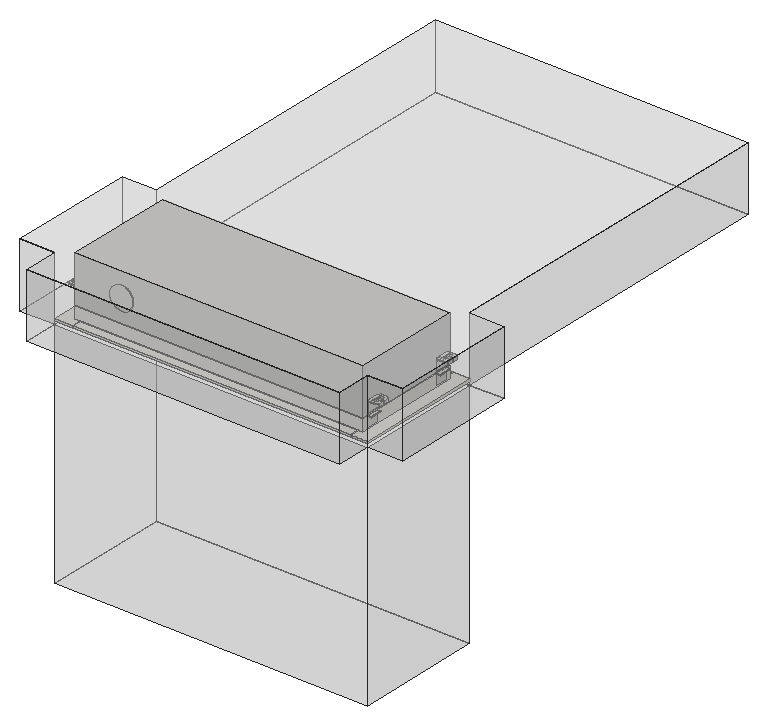
Revit family "outputfile", category 機械設備, Revit 2024
Family settings
  丸型コネクタ寸法 = 半径を使用
  パーツ タイプ = 標準
  OmniClass 番号 = 23.75.10.24.21.27.27
  OmniClass タイトル = Split System Air Conditioning Units
  作業面ベース = いいえ
  常に垂直 = はい
  ロード時にボイドで切り取り = いいえ
  注釈の向きを維持 = いいえ
  共有 = いいえ
  部屋計算ポイント = はい
Parameters (values of type "FXEQ50AV36")
  製造元 = "Daikin"
  書き出し IFC クラス(タイプ) = "IfcUnitaryEquipmentType"
  定義済み IFC タイプ(タイプ) = "AIRCONDITIONINGUNIT"
  モデル = "FXEQ50AV36"
  w_mountinghole = if(Width = 1350 mm, 1303 mm, 903 mm)  # 1303 mm
  w_casing = if(Width = 1350 mm, 1240 mm, 840 mm)  # 1240 mm
  r_OAduct = OA Duct Size Diameter / 2  # 50 mm
  r_Liquid Pipe Size = Liquid Pipe Size / 2  # 3.2 mm
  r_Gas Pipe Size = Gas Pipe Size / 2  # 6.35 mm
  r_Drain Pipe Size = Drain Pipe Size / 2  # 13.0 mm
  lw_powersuply = w_casing / 2 + 1.5 mm  # 621.5 mm
  lw_gaspipe = w_casing / 2 + 65 mm  # 685 mm
  lw_drainpipe = w_casing / 2 + 32 mm  # 652 mm
  lw_liquidpipe = w_casing / 2 + 55 mm  # 675 mm
  lw_OA = if(Width = 1350 mm, 420 mm, 220 mm)  # 420 mm
  lh_powersuply = 129.2 mm
  lh_liquidpipe = 180 mm
  lh_gaspipe = 138 mm
  lh_drainpipe = 215 mm
  lh_OA = 65 mm
  ld_powersuply = 64.2 mm
  ld_liquidpipe = 26 mm
  ld_gaspipe = 72 mm
  ld_drainpipe = 69 mm
  ld_OA = 235 mm
  h_mountinghole = 115 mm
  h_casing = 255 mm
  h_antenna = h_casing - h_mountinghole + 1 mm  # 141 mm
  d_mountinghole = 371 mm
  d_casing = 470 mm
  Width = 1350 mm
  Voltage_comment_50Hz = "220-240"
  Voltage_50Hz = 220 V
  Version = "ver.1.0"
  Unit Type = "Ceiling Mounted Cassette(Single Flow）"
  Unit Mass Weight = 23.00 kg
  Unit Designation [instance] = ""
  Uniclass2015Version = "Products v1.30"
  Uniclass2015Title = "Variable refrigerant flow units"
  Uniclass2015Code = "Pr_70_65_03_94"
  Total Heating Capacity [instance] = 0.000 kW
  Total Cooling Capacity [instance] = 0.000 kW
  Sound Pressure Level_M speed (dBA) = 35
  Sound Pressure Level_L speed (dBA) = 31
  Sound Pressure Level_H speed (dBA) = 38
  Series = "VRV Fan Coil Unit"
  Sensible Cooling Capacity [instance] = 0.000 kW
  Refrigerant Type = "R410A"
  Power Input (Heating) = 0.044 kW
  Power Input (Cooling) = 0.048 kW
  Phase_50Hz = 1
  Option Accessory 3 [instance] = ""
  Option Accessory 2 [instance] = ""
  Option Accessory 1 [instance] = ""
  OA Duct Size Diameter = 100 mm
  Nominal Heating Capacity = 6.300 kW
  Nominal Cooling Capacity = 5.600 kW
  Minimum Circuit Amps_50Hz = 0.5 A
  Minimum Airflow = 522.00 m³/h
  Median Airflow = 624.00 m³/h
  Maximum Fuse Amps_50Hz = 16.0 A
  Maximum Airflow = 750.00 m³/h
  Material_Casing = DAIKIN_GalvanizedSteel_Casing_indoorunit
  Load Classification = HVAC
  Liquid Pipe Size = 6.4 mm
  Link_Nested Family [instance] = ""
  IfcVersion = ""
  IfcExportType = "AIRCONDITIONINGUNIT"
  IfcExportAs = "IfcUnitaryEquipmentType"
  Height = 280 mm
  Heating Entering Wet Bulb Temperature [instance] = 0.00 °C
  Heating Entering Dry Bulb Temperature [instance] = 0.00 °C
  Heating Ambient Wet Bulb Temperature [instance] = 0.00 °C
  Heating Ambient Dry Bulb Temperature [instance] = 0.00 °C
  Heat Exchanger Type = "Cross Fin Coil"
  Gas Pipe Size = 12.7 mm
  Frequency_50Hz = 50 Hz
  Fan Type = "Sirocco Fan"
  Fan Drive = "Direct Drive"
  FCU Tag No. [instance] = ""
  Drain Pipe Size = 26.0 mm
  Design Supply Airflow [instance] = 0.00 m³/h
  Design Outdoor Airflow [instance] = 0.00 m³/h
  Depth = 550 mm
  既定の高さ = 0 mm
  Cooling Entering Wet Bulb Temperature [instance] = 0.00 °C
  Cooling Entering Dry Bulb Temperature [instance] = 0.00 °C
  Cooling Ambient Wet Bulb Temperature [instance] = 0.00 °C
  Cooling Ambient Dry Bulb Temperature [instance] = 0.00 °C
  Clearance visibility [instance] = yes
  Clearance Top = 0 mm
  Clearance Right = 150 mm
  Clearance Rear = 1500 mm
  Clearance Left = 150 mm
  Clearance Front = 150 mm
  Clearance Bottom = 1000 mm
Reference planes
  plane 1 "Center (Front/Back)": y = 0
  plane 2 "ceiling plane": z = 0
  plane 3 "Center (Left/Right)": x = 0
  plane 4 "Back": y = 275
  plane 5 "Front": y = -275
  plane 6 "Left": x = -675
  plane 7 "Right": x = 675
  plane 8 "Top": z = 255
  plane 9 "Bottom": z = -25
  plane 10: x = -620
  plane 11: x = 620
  plane 12: y = 235
  plane 13: y = -235
  plane 14: x = 370
  plane 15: y = 185.5
  plane 16: y = -185.5
  plane 17: x = -651.5
  plane 18: x = 651.5
  plane 19: y = 26
  plane 20: y = 72
  plane 21: y = 69
  plane 22: x = -675
  plane 23: x = -685
  plane 24: x = -652
  plane 25 "Clearance Rear": y = 1775
  plane 26 "Clearance Front": y = -425
  plane 27 "Clearance Left": x = -825
  plane 28 "Clearance Right": x = 825
  plane 29 "Clearance Top": z = 255
  plane 30 "Clearance Bottom": z = -1025
  plane 31: y = -64.2
  plane 32: z = 190
  plane 33: z = 215
  plane 34: y = 69
  plane 35: z = 180
  plane 36: y = 26
  plane 37: z = 138
  plane 38: y = 72
  plane 39: x = -420
Forms (mm)
  Extrusion 1, solid, material "DAIKIN_GalvanizedSteel_Casing_indoorunit" <- "Material_Casing"
    sketch origin (0, 0, 0) x (1, 0, 0) y (0, 1, 0)
      loop
        line (-620, 235) -> (-620, -235) -> (620, -235) -> (620, 235) -> (-620, 235)
    from 55 to 255
  Extrusion 2, solid, material "DAIKIN_GalvanizedSteel_Casing_indoorunit" <- "Material_Casing"
    sketch origin (-1374.64, 235, 1200) x (-1, 0, 0) y (0, 0, 1)
      loop
        circle (-954.64, -1048) r 50
    from -465 to -470
  Extrusion 3, solid, material "DAIKIN_GalvanizedSteel_Casing_indoorunit" <- "Material_Casing"
    sketch origin (-620, 1296.25, 1200) x (0, 1, 0) y (0, 0, 1)
      loop
        line (-1243.249, -1006) -> (-1211.249, -1006)
        arc (-1211.249, -1006) -> (-1207.714, -1004.536) -> (-1206.249, -1001) r 5
        line (-1206.249, -1001) -> (-1206.249, -969)
        arc (-1206.249, -969) -> (-1207.714, -965.464) -> (-1211.249, -964) r 5
        line (-1211.249, -964) -> (-1243.249, -964)
        arc (-1243.249, -964) -> (-1246.785, -965.464) -> (-1248.249, -969) r 5
        line (-1248.249, -969) -> (-1248.249, -1001)
        arc (-1248.249, -1001) -> (-1246.785, -1004.536) -> (-1243.249, -1006) r 5
    from 0 to -3
  Extrusion 4, solid, material "DAIKIN_GalvanizedSteel_Casing_indoorunit" <- "Material_Casing"
    sketch origin (0, 0, 0) x (1, 0, 0) y (0, 0, 1)
      loop
        line (-638.5, 45) -> (-639.7, 45) -> (-639.7, 30.5)
        arc (-639.7, 30.5) -> (-639.202, 29.298) -> (-638, 28.8) r 1.7
        line (-638, 28.8) -> (-620, 28.8) -> (-620, 30) -> (-638.5, 30) -> (-638.5, 45)
    from 40 to 90
  Extrusion 5, solid, material "DAIKIN_GalvanizedSteel_Casing_indoorunit" <- "Material_Casing"
    sketch origin (0, 0, 0) x (1, 0, 0) y (0, 0, 1)
      loop
        line (-638.5, 31) -> (-637.5, 31) -> (-637.5, 90.772)
        arc (-637.5, 90.772) -> (-637.145, 91.289) -> (-636.535, 91.145) r 0.555
        line (-636.535, 91.145) -> (-628.37, 82.164) -> (-627.63, 82.836) -> (-628.303, 83.576) -> (-635.89, 91.922)
        arc (-635.89, 91.922) -> (-637.541, 92.312) -> (-638.5, 90.913) r 1.5
        line (-638.5, 90.913) -> (-638.5, 31)
    from 40 to 90
  Extrusion 6, solid, material "DAIKIN_GalvanizedSteel_Casing_indoorunit" <- "Material_Casing"
    sketch origin (-620, 1296.25, 1200) x (0, 1, 0) y (0, 0, 1)
      loop
        circle (-1360.45, -1070.8) r 17.5
      loop
        circle (-1415.45, -1105.8) r 17.5
    from 0 to -1.5
  Extrusion 7, solid
    sketch origin (-265.5, 334.5, 0) x (0, 1, 0) y (0, 0, 1)
      loop
        circle (-265.5, 215) r 13
    from -354.5 to -386.5
  Extrusion 8, solid
    sketch origin (-620, 1296.25, 1200) x (0, 1, 0) y (0, 0, 1)
      loop
        circle (-1270.25, -1020) r 3.2
    from 0 to -55
  Extrusion 9, solid
    sketch origin (7, 137, 0) x (0, 1, 0) y (0, 0, 1)
      loop
        circle (-65, 138) r 6.35
    from -627 to -692
  Extrusion 10, solid, material "DAIKIN_GalvanizedSteel_Casing_indoorunit" <- "Material_Casing"
    sketch origin (-620, 1296.25, 1200) x (0, 1, 0) y (0, 0, 1)
      loop
        line (-1239.914, -1060.321) -> (-1240.938, -1060.321)
        arc (-1240.938, -1060.321) -> (-1241.786, -1060.672) -> (-1242.138, -1061.521) r 1.2
        line (-1242.138, -1061.521) -> (-1242.138, -1062.819) -> (-1250.138, -1062.821) -> (-1250.138, -1017.143)
        arc (-1250.138, -1017.143) -> (-1250.43, -1016.436) -> (-1251.138, -1016.143) r 1
        line (-1251.138, -1016.143) -> (-1257.415, -1016.143)
        arc (-1257.415, -1016.143) -> (-1258.122, -1016.436) -> (-1258.415, -1017.143) r 1
        line (-1258.415, -1017.143) -> (-1258.415, -1020)
        arc (-1258.415, -1020) -> (-1270.25, -1031.835) -> (-1282.086, -1020) r 11.835
        line (-1282.086, -1020) -> (-1282.086, -1017.143)
        arc (-1282.086, -1017.143) -> (-1282.379, -1016.436) -> (-1283.086, -1016.143) r 1
        line (-1283.086, -1016.143) -> (-1306.138, -1016.143)
        arc (-1306.138, -1016.143) -> (-1308.259, -1017.022) -> (-1309.138, -1019.143) r 3
        line (-1309.138, -1019.143) -> (-1309.138, -1145) -> (-1189.638, -1145) -> (-1189.638, -1063.321)
        arc (-1189.638, -1063.321) -> (-1190.516, -1061.199) -> (-1192.638, -1060.321) r 3
        line (-1192.638, -1060.321) -> (-1209.75, -1060.321) -> (-1209.75, -1062)
        arc (-1209.75, -1062) -> (-1224.485, -1076.498) -> (-1238.743, -1061.53) r 14.5
        arc (-1238.743, -1061.53) -> (-1239.072, -1060.677) -> (-1239.914, -1060.321) r 1.172
    from 0 to -1
Dimensions and locks
  "Width": plane 6 "Left" to plane 7 "Right"
  "Depth": plane 4 "Back" to plane 5 "Front"
  "Height": plane 8 "Top" to plane 9 "Bottom"
  equal spacing: plane 12, plane 1 "Center (Front/Back)", plane 13
  "d_casing": plane 12 to plane 13
  equal spacing: plane 6 "Left", plane 3 "Center (Left/Right)", plane 7 "Right"
  "w_casing": plane 10 to plane 11
  locked: plane 14 to plane 11 at 250
  "h_casing": plane 8 "Top" to level
  equal spacing: plane 15, plane 1 "Center (Front/Back)", plane 16
  "d_mountinghole": plane 15 to plane 16
  equal spacing: plane 17, plane 3 "Center (Left/Right)", plane 18
  "w_mountinghole": plane 17 to plane 18
  "ld_liquidpipe": plane 1 "Center (Front/Back)" to plane 19
  "ld_gaspipe": plane 1 "Center (Front/Back)" to plane 20
  "ld_drainpipe": plane 1 "Center (Front/Back)" to plane 21
  "Clearance Left": plane 27 "Clearance Left" to plane 6 "Left"
  "Clearance Right": plane 7 "Right" to plane 28 "Clearance Right"
  "Clearance Front": plane 5 "Front" to plane 26 "Clearance Front"
  "Clearance Rear": plane 25 "Clearance Rear" to plane 4 "Back"
  "Clearance Top": plane 29 "Clearance Top" to plane 8 "Top"
  "Clearance Bottom": plane 9 "Bottom" to plane 30 "Clearance Bottom"
  "lh_OA": plane 29 "Clearance Top" to plane 32
  equal spacing: plane 4 "Back", plane 1 "Center (Front/Back)", plane 5 "Front"
  equal spacing: plane 10, plane 3 "Center (Left/Right)", plane 11
  "lw_OA": plane 3 "Center (Left/Right)" to Extrusion 2 sketch curve
  Extrusion 2 sketch curve to level = 152 mm
  locked: plane 10 to Extrusion 4 sketch curve at 18.5
  locked: Extrusion 4 sketch curve to Extrusion 4 sketch curve at 1.2
  locked: Extrusion 4 to Extrusion 5 sketch curve at 1
  "ld_powersuply": plane 31 to plane 1 "Center (Front/Back)"
  "lw_drainpipe": plane 24 to plane 3 "Center (Left/Right)"
  "ld_drainpipe": plane 34 to plane 1 "Center (Front/Back)"
  locked: Extrusion 7 sketch curve to level at 215
  "lw_liquidpipe": plane 22 to plane 3 "Center (Left/Right)"
  "lw_gaspipe": plane 23 to plane 3 "Center (Left/Right)"
  "lw_OA": plane 39 to plane 3 "Center (Left/Right)"
  "r_Drain Pipe Size": radius of Extrusion 7 sketch curve
  "r_Liquid Pipe Size": radius of Extrusion 8 sketch curve
  "r_Gas Pipe Size": radius of Extrusion 9 sketch curve
  aligned and locked: level to plane 2 "ceiling plane"
  aligned and locked: plane 6 "Left" to nested 1
  aligned and locked: plane 9 "Bottom" to nested 1
  aligned and locked: Extrusion 1 sketch curve to plane 10
  aligned and locked: plane 12 to Extrusion 1 sketch curve
  aligned and locked: Extrusion 1 sketch curve to plane 13
  aligned and locked: plane 11 to Extrusion 1 sketch curve
  aligned and locked: plane 8 "Top" to Extrusion 1
  aligned and locked: plane 11 to nested 2
  aligned and locked: plane 10 to nested 3
  aligned and locked: nested 7 to plane 15
  aligned and locked: plane 18 to nested 7
  aligned and locked: nested 6 to plane 16
  aligned and locked: plane 18 to nested 6
  aligned and locked: nested 4 to plane 15
  aligned and locked: plane 17 to nested 4
  aligned and locked: nested 5 to plane 16
  aligned and locked: plane 17 to nested 5
  aligned and locked: plane 1 "Center (Front/Back)" to nested 8
  aligned and locked: plane 3 "Center (Left/Right)" to nested 8
  aligned and locked: plane 29 "Clearance Top" to nested 8
  aligned and locked: plane 1 "Center (Front/Back)" to nested 1
  aligned and locked: plane 3 "Center (Left/Right)" to nested 1
  aligned and locked: nested 3 to plane 15
  aligned and locked: nested 9 to plane 16
  aligned and locked: plane 10 to nested 9
  aligned and locked: plane 15 to nested 2
  aligned and locked: plane 16 to nested 10
  aligned and locked: plane 11 to nested 10
  aligned and locked: Extrusion 2 to plane 13
  aligned and locked: Extrusion 4 sketch curve to plane 10
  aligned and locked: Extrusion 4 to Extrusion 5 sketch curve
  aligned and locked: plane 3 "Center (Left/Right)" to nested 11
  aligned and locked: nested 12 to plane 3 "Center (Left/Right)"
  aligned and locked: plane 34 to Extrusion 7 sketch curve
  aligned and locked: Extrusion 7 to plane 24
  aligned and locked: plane 10 to Extrusion 7
  aligned and locked: nested 13 to plane 19
  aligned and locked: nested 13 to plane 3 "Center (Left/Right)"
  aligned and locked: plane 35 to Extrusion 8 sketch curve
  aligned and locked: plane 36 to Extrusion 8 sketch curve
  aligned and locked: Extrusion 8 to plane 22
  aligned and locked: nested 14 to plane 3 "Center (Left/Right)"
  aligned and locked: plane 37 to Extrusion 9 sketch curve
  aligned and locked: plane 38 to Extrusion 9 sketch curve
  aligned and locked: Extrusion 9 to plane 23
  aligned and locked: plane 10 to Extrusion 9
  aligned and locked: plane 39 to nested 15
  aligned and locked: plane 1 "Center (Front/Back)" to nested 15
Automatic sketch dimensions
  Extrusion 3 sketch curve to plane 1 "Center (Front/Back)" = 48.001 mm
  Extrusion 3 sketch curve to Extrusion 3 sketch curve = 5 mm  (x3)
  plane 32 to Extrusion 3 sketch curve = 4 mm
  Extrusion 3 sketch curve to Extrusion 3 sketch curve = 32 mm
  Extrusion 3 sketch curve to Extrusion 3 sketch curve = 0 mm
  Extrusion 3 sketch curve to plane 8 "Top" = 24 mm
  plane 17 to Extrusion 4 sketch curve = 13.5 mm
  level to Extrusion 4 sketch curve = 28.8 mm
  Extrusion 4 sketch curve to Extrusion 4 sketch curve = 0.5 mm
  Extrusion 4 sketch curve to Extrusion 4 sketch curve = 14.5 mm
  Extrusion 5 sketch curve to Extrusion 5 sketch curve = 0.5 mm
  Extrusion 5 sketch curve to Extrusion 5 sketch curve = 0.055 mm
  Extrusion 5 sketch curve to Extrusion 5 sketch curve = 0.465 mm
  Extrusion 5 sketch curve to Extrusion 5 sketch curve = 0.645 mm
  Extrusion 5 sketch curve to plane 10 = 8.37 mm
  Extrusion 5 sketch curve to Extrusion 5 sketch curve = 0.067 mm
  Extrusion 5 sketch curve to Extrusion 5 sketch curve = 0.673 mm  (x2)
  level to Extrusion 5 sketch curve = 31 mm
  Extrusion 5 sketch curve to Extrusion 5 sketch curve = 51.164 mm
  Extrusion 5 sketch curve to Extrusion 5 sketch curve = 0.74 mm
  Extrusion 5 sketch curve to Extrusion 5 sketch curve = 0.141 mm
  Extrusion 10 sketch curve to plane 19 = 0 mm
  Extrusion 10 sketch curve to plane 20 = 0 mm
  Extrusion 10 sketch curve to Extrusion 10 sketch curve = 11.835 mm
  Extrusion 10 sketch curve to Extrusion 10 sketch curve = 1 mm  (x2)
  Extrusion 10 sketch curve to plane 32 = 6.143 mm
  plane 1 "Center (Front/Back)" to Extrusion 10 sketch curve = 9.887 mm
  plane 1 "Center (Front/Back)" to Extrusion 10 sketch curve = 12.887 mm
  Extrusion 10 sketch curve to Extrusion 10 sketch curve = 6.277 mm
  plane 19 to Extrusion 10 sketch curve = 20.113 mm
  Extrusion 10 sketch curve to Extrusion 10 sketch curve = 8 mm
  Extrusion 10 sketch curve to Extrusion 10 sketch curve = 1.2 mm
  Extrusion 10 sketch curve to Extrusion 10 sketch curve = 1.024 mm
  Extrusion 10 sketch curve to Extrusion 10 sketch curve = 0 mm  (x3)
  plane 20 to Extrusion 10 sketch curve = 14.5 mm
  Extrusion 10 sketch curve to Extrusion 10 sketch curve = 17.113 mm
  Extrusion 10 sketch curve to Extrusion 10 sketch curve = 3 mm
  Extrusion 10 sketch curve to plane 32 = 10 mm
  Extrusion 10 sketch curve to Extrusion 10 sketch curve = 40.321 mm
  Extrusion 10 sketch curve to Extrusion 10 sketch curve = 1.172 mm
  Extrusion 10 sketch curve to Extrusion 10 sketch curve = 1.679 mm
  Extrusion 10 sketch curve to Extrusion 10 sketch curve = 1.298 mm
  Extrusion 10 sketch curve to Extrusion 10 sketch curve = 0.002 mm
  level to Extrusion 10 sketch curve = 55 mm
  Extrusion 10 sketch curve to Extrusion 10 sketch curve = 2.857 mm
  radius of Extrusion 2 sketch curve = 50 mm
Nested families
  nested 1: "daikin_round flow_panel" at (0, 0, 0), type "fresh white"
    with width 1350 mm, w_casing 1240 mm, W 1350 mm, L 208 mm
  nested 2: "daikin_hangerfixture_FXEQ-AV36" at (620, 185.5, 115) x (0, 1, 0) z (0, 0, 1), built-in parameter 1001364 <- "h_mountinghole", type "daikin_hangerfixture_FXEQ-AV36"
  nested 3: "daikin_hangerfixture_FXEQ-AV36" at (-620, 185.5, 115) x (0, 1, 0) z (0, 0, 1), built-in parameter 1001364 <- "h_mountinghole", type "daikin_hangerfixture_FXEQ-AV36"
  nested 4: "daikin_mountinghole" at (-651.5, 185.5, 0), l_antenna <- "h_antenna", Link_Nested Family <- "Link_Nested Family", h_mountinghole <- "h_mountinghole", type "daikin_mountinghole"
    with show yes, l_antenna 141 mm, h_mountinghole 115 mm, Link_Nested Family ""
  nested 5: "daikin_mountinghole" at (-651.5, -185.5, 0), l_antenna <- "h_antenna", Link_Nested Family <- "Link_Nested Family", h_mountinghole <- "h_mountinghole", type "daikin_mountinghole"
    with show yes, l_antenna 141 mm, h_mountinghole 115 mm, Link_Nested Family ""
  nested 6: "daikin_mountinghole" at (651.5, -185.5, 0), l_antenna <- "h_antenna", Link_Nested Family <- "Link_Nested Family", h_mountinghole <- "h_mountinghole", type "daikin_mountinghole"
    with show yes, l_antenna 141 mm, h_mountinghole 115 mm, Link_Nested Family ""
  nested 7: "daikin_mountinghole" at (651.5, 185.5, 0), l_antenna <- "h_antenna", Link_Nested Family <- "Link_Nested Family", h_mountinghole <- "h_mountinghole", type "daikin_mountinghole"
    with show yes, l_antenna 141 mm, h_mountinghole 115 mm, Link_Nested Family ""
  nested 8: "daikin_clearancespace_cassette" at (0, 0, 115), depth_outline <- "Depth", height_outline <- "Height", width_outline <- "Width", depth_front <- "Clearance Front", depth_rear <- "Clearance Rear", height_bottom <- "Clearance Bottom", height_top <- "Clearance Top", width_left <- "Clearance Left", width_right <- "Clearance Right", show <- "Clearance visibility", visible <- "Clearance visibility", Link_Nested Family <- "Link_Nested Family", type "daikin_clearancespace_cassette"
    with width_right 150 mm, width_outline 1350 mm, width_left 150 mm, width 1823.963 mm, show yes, height_top 0 mm, height_outline 280 mm, height_bottom 1000 mm, height 1359.762 mm, depth_rear 1500 mm, depth_outline 550 mm, depth_front 150 mm, depth 880 mm, Link_Nested Family ""
  nested 9: "daikin_hangerfixture_FXEQ-AV36" at (-620, -185.5, 115) x (0, 1, 0) z (0, 0, 1), built-in parameter 1001364 <- "h_mountinghole", type "daikin_hangerfixture_FXEQ-AV36"
  nested 10: "daikin_hangerfixture_FXEQ-AV36" at (620, -185.5, 115) x (0, 1, 0) z (0, 0, 1), built-in parameter 1001364 <- "h_mountinghole", type "daikin_hangerfixture_FXEQ-AV36"
  nested 11: "daikin_connector_rotate2" at (0, -64.2, 129.2) x (0, 1, 0) z (0, 0, 1), length <- "lw_powersuply", built-in parameter 1001364 <- "lh_powersuply", type "daikin_connector_rotate2"
    with radius 10 mm, length 621.5 mm, angle_vertical 90.00°
  nested 12: "daikin_connector_rotate2" at (0, 69, 215) x (0, -1, 0) z (0, 0, 1), built-in parameter 1001364 <- "lh_drainpipe", radius <- "r_Drain Pipe Size", length <- "lw_drainpipe", type "daikin_connector_rotate2"
    with radius 13 mm, length 652 mm, angle_vertical 90.00°
  nested 13: "daikin_connector_rotate2" at (0, 26, 180) x (0, -1, 0) z (0, 0, 1), built-in parameter 1001364 <- "lh_liquidpipe", radius <- "r_Liquid Pipe Size", length <- "lw_liquidpipe", type "daikin_connector_rotate2"
    with radius 3.2 mm, length 675 mm, angle_vertical 90.00°
  nested 14: "daikin_connector_rotate2" at (0, 72, 138) x (0, -1, 0) z (0, 0, 1), built-in parameter 1001364 <- "lh_gaspipe", radius <- "r_Gas Pipe Size", length <- "lw_gaspipe", type "daikin_connector_rotate2"
    with radius 6.35 mm, length 685 mm, angle_vertical 90.00°
  nested 15: "daikin_connector_rotate2" at (-420, 0, 152), radius <- "r_OAduct", length <- "ld_OA", type "daikin_connector_rotate2"
    with radius 50 mm, length 235 mm, angle_vertical 90.00°
Connectors
  electrical at (-621.5, -64.2, 129.2), driven by "Load Classification"
    settings: on nested 11, index 6, voltage 0 V, apparent load 0 VA, apparent load phase1 0 VA, apparent load phase2 0 VA, apparent load phase3 0 VA, power factor 1, load classification "HVAC", number of poles 1, system type 30, power factor state 1, is connector primary yes, connector utility no, sub classification motor no, connector description "Power Supply"
  piping at (-652, 69, 215), diameter 26, driven by "r_Drain Pipe Size"
    settings: on nested 12, index 7, connector inside diameter 609.6 mm, connector length 0 mm, flow factor 0, pipe flow 0.00 m³/h, pressure drop 0.0 Pa, fitting loss kfactor 0, connector angle 0.00°, fixture units 0, engagement length 0 mm, angle of deflection 0.00°, flow configuration 1, flow direction 2, fitting loss method 4, system type 16, joint type 0, gender type 0, connector reference index -1, connector utility 0, adjustable connector no, is connector primary yes, connector description "Condensate Drain Piping"
  piping at (-675, 26, 180), diameter 6.4, driven by "r_Liquid Pipe Size"
    settings: on nested 13, index 8, connector inside diameter 609.6 mm, connector length 0 mm, flow factor 0, pipe flow 0.00 m³/h, pressure drop 0.0 Pa, fitting loss kfactor 0, connector angle 0.00°, fixture units 0, engagement length 0 mm, angle of deflection 0.00°, flow configuration 1, flow direction 1, fitting loss method 0, system type 29, joint type 0, gender type 0, connector reference index -1, connector utility 0, adjustable connector no, is connector primary no, connector description "Refrigerant Liquid Piping"
  hvac at (-420, -235, 152), driven by "r_OAduct"
    settings: on Extrusion 2, index 9, duct flow 0.00 m³/h, flow factor 0, pres drop 0.00 Pa, loss coef 0, conn angle 0.00°, conn width 304.8 mm, conn height 304.8 mm, conn diameter 100.0 mm, duct sys type 1, conn prof type 0, flow config 0, flow direction 1, loss method 4, conn ref index -1, conn util no, is conn primary yes, conn desc "OA Duct"
  piping at (-685, 72, 138), diameter 12.7, driven by "r_Gas Pipe Size"
    settings: on nested 14, index 10, connector inside diameter 609.6 mm, connector length 0 mm, flow factor 0, pipe flow 0.00 m³/h, pressure drop 0.0 Pa, fitting loss kfactor 0, connector angle 0.00°, fixture units 0, engagement length 0 mm, angle of deflection 0.00°, flow configuration 1, flow direction 2, fitting loss method 0, system type 29, joint type 0, gender type 0, connector reference index -1, connector utility 0, adjustable connector no, is connector primary no, connector description "Refrigerant Gas Piping"
Definition of nested family "daikin_round flow_panel"
  Parameters (values of type "fresh white")
    width = if(W = 950 mm, 950 mm, 1350 mm)  # 950 mm
    w_casing = width - 110 mm  # 840 mm
    material_panel = none
    material_casing = none
    height = 50 mm
    depth = 550 mm  # constant formula
    d_casing = 470 mm  # constant formula
    W = 950 mm
    Default Elevation = 0 mm
    L = if(W = 950 mm, 170 mm, 208 mm)  # 170 mm
  Reference planes
    plane 1 "Center (Front/Back)": y = 0
    plane 2: z = 0
    plane 3 "Center (Left/Right)": x = 0
    plane 4: y = 275
    plane 5: y = -275
    plane 6: x = -475
    plane 7: x = 475
    plane 8 "Bottom": z = -25
    plane 9: y = 235
    plane 10: y = -235
    plane 11: x = -420
    plane 12: x = 420
    plane 13: z = 50
    plane 14: x = -305
  Forms (mm)
    Extrusion 1, solid, material <- "material_panel"
      sketch origin (0, 0, 0) x (1, 0, 0) y (0, 0, 1)
        loop
          line (-400, -25) -> (-400, 0) -> (-475, 0) -> (-475, -8.325)
          arc (-475, -8.325) -> (-438.157, -19.618) -> (-400, -25) r 245.193
        loop
          arc (400, -25) -> (438.157, -19.618) -> (475, -8.325) r 245.193
          line (475, -8.325) -> (475, 0) -> (400, 0) -> (400, -25)
      from -275 to 275
    Extrusion 2, solid, material <- "material_panel"
      sketch origin (0, 0, 0) x (1, 0, 0) y (0, 0, 1)
        loop
          line (-400, 0) -> (-400, -17.308) -> (400, -17.303) -> (400, 0) -> (-400, 0)
      from 235 to 275
    Extrusion 3, solid, material <- "material_panel"
      sketch origin (0, 510, 0) x (1, 0, 0) y (0, 0, 1)
        loop
          line (-400, 0) -> (-400, -17.308) -> (400, -17.303) -> (400, 0) -> (-400, 0)
      from 235 to 275
    Extrusion 4, solid, material <- "material_panel"
      sketch origin (0, 0, 0) x (1, 0, 0) y (0, 0, 1)
        loop
          line (-400, 0) -> (-400, -23) -> (400, -23) -> (400, 0) -> (-400, 0)
      from 5 to 235
    Extrusion 5, solid, material <- "material_panel"
      sketch origin (0, 0, 0) x (1, 0, 0) y (0, 0, 1)
        loop
          line (-400, 0) -> (-400, -25) -> (400, -25) -> (400, 0) -> (-400, 0)
      from 5 to -150
    Extrusion 6, solid, material <- "material_panel"
      sketch origin (0, 0, 0) x (1, 0, 0) y (0, 1, 0)
        loop
          line (-400, 235) -> (-400, 179) -> (-305, 179) -> (-305, 235) -> (-400, 235)
      from 0 to -17.308
    Extrusion 7, solid, material <- "material_panel"
      sketch origin (0, 0, 0) x (1, 0, 0) y (0, 1, 0)
        loop
          line (-400, 179) -> (-400, 150) -> (-305, 150) -> (-305, 179) -> (-400, 179)
      from 0 to -17.3
    Extrusion 8, solid, material <- "material_panel"
      sketch origin (0, 0, 0) x (1, 0, 0) y (0, 1, 0)
        loop
          line (-305, 235) -> (-305, 202.5) -> (400, 202.5) -> (400, 235) -> (-305, 235)
      from 0 to -17.3
    Extrusion 9, solid, material <- "material_panel"
      sketch origin (0, 0, 0) x (1, 0, 0) y (0, 1, 0)
        loop
          line (-305, 202.5) -> (-305, 179) -> (400, 179) -> (400, 202.5) -> (-305, 202.5)
      from 0 to -17.3
    Extrusion 10, solid, material <- "material_panel"
      sketch origin (0, 0, 0) x (1, 0, 0) y (0, 1, 0)
        loop
          line (-420, 235) -> (-420, -235) -> (420, -235) -> (420, 235) -> (-420, 235)
      from 0 to 50
    Extrusion 11, void
      sketch origin (0, 0, 0) x (0, 1, 0) y (0, 0, 1)
        loop
          line (-275, -7.476) -> (-275, -25) -> (-152.477, -25)
          arc (-152.477, -25) -> (-214.362, -20.597) -> (-275, -7.476) r 437.093
        loop
          arc (275, -7.476) -> (214.362, -20.597) -> (152.477, -25) r 437.093
          line (152.477, -25) -> (275, -25) -> (275, -7.476)
      from 475 to -475
  Cuts and joins
    Extrusion 11 cuts Extrusion 2
    Extrusion 11 cuts Extrusion 3
    Extrusion 11 cuts Extrusion 4
    Extrusion 11 cuts Extrusion 1
  Dimensions and locks
    "width": plane 6 to plane 7
    "depth": plane 4 to plane 5
    equal spacing: plane 6, plane 3 "Center (Left/Right)", plane 7
    equal spacing: plane 4, plane 1 "Center (Front/Back)", plane 5
    equal spacing: plane 9, plane 1 "Center (Front/Back)", plane 10
    "d_casing": plane 9 to plane 10
    equal spacing: plane 11, plane 3 "Center (Left/Right)", plane 12
    "w_casing": plane 11 to plane 12
    locked: level to plane 8 "Bottom" at 25
    "height": plane 13 to level
    locked: Extrusion 1 sketch curve to Extrusion 1 sketch curve at 75  (x2)
    locked: plane 9 to Extrusion 6 sketch curve at 56
    "L": plane 6 to plane 14
    aligned and locked: level to plane 2
    aligned and locked: Extrusion 1 sketch curve to level
    aligned and locked: level to Extrusion 1 sketch curve
    aligned and locked: plane 4 to Extrusion 1
    aligned and locked: Extrusion 1 to plane 5
    aligned and locked: Extrusion 1 to plane 6
    aligned and locked: plane 7 to Extrusion 1
    aligned and locked: Extrusion 2 sketch curve to level
    aligned and locked: Extrusion 1 to Extrusion 2 sketch curve
    aligned and locked: Extrusion 2 sketch curve to Extrusion 1
    aligned and locked: plane 4 to Extrusion 3
    aligned and locked: Extrusion 3 to plane 9
    aligned and locked: Extrusion 4 sketch curve to Extrusion 1
    aligned and locked: Extrusion 1 to Extrusion 4 sketch curve
    aligned and locked: Extrusion 4 to plane 10
    aligned and locked: Extrusion 5 sketch curve to level
    aligned and locked: plane 8 "Bottom" to Extrusion 5 sketch curve
    aligned and locked: Extrusion 5 sketch curve to Extrusion 1  (x2)
    aligned and locked: Extrusion 6 sketch curve to plane 9
    aligned and locked: Extrusion 1 to Extrusion 7 sketch curve
    aligned and locked: Extrusion 7 sketch curve to plane 14
    aligned and locked: Extrusion 6 to Extrusion 7 sketch curve
    aligned and locked: Extrusion 5 to Extrusion 7 sketch curve
    aligned and locked: Extrusion 8 sketch curve to plane 9
    aligned and locked: plane 14 to Extrusion 8 sketch curve
    aligned and locked: Extrusion 1 to Extrusion 8 sketch curve
    aligned and locked: plane 14 to Extrusion 9 sketch curve
    aligned and locked: Extrusion 9 sketch curve to Extrusion 8
    aligned and locked: Extrusion 9 sketch curve to Extrusion 7
    aligned and locked: Extrusion 1 to Extrusion 9 sketch curve
    aligned and locked: plane 14 to Extrusion 6
    aligned and locked: plane 11 to Extrusion 10 sketch curve
    aligned and locked: Extrusion 10 sketch curve to plane 12
    aligned and locked: plane 10 to Extrusion 10 sketch curve
    aligned and locked: Extrusion 10 sketch curve to plane 9
    aligned and locked: plane 13 to Extrusion 10
    aligned and locked: plane 8 "Bottom" to Extrusion 1 sketch curve  (x2)
    aligned and locked: Extrusion 11 sketch curve to plane 8 "Bottom"
    aligned and locked: Extrusion 11 sketch curve to plane 5
    aligned and locked: plane 7 to Extrusion 11
    aligned and locked: Extrusion 11 to plane 6
  Automatic sketch dimensions
    Extrusion 1 sketch curve to plane 6 = 0 mm
    Extrusion 1 sketch curve to plane 7 = 0 mm
    plane 11 to Extrusion 1 sketch curve = 35.058 mm
    Extrusion 1 sketch curve to plane 12 = 35.058 mm
    Extrusion 1 sketch curve to level = 8.325 mm  (x2)
    plane 8 "Bottom" to Extrusion 2 sketch curve = 7.697 mm
    plane 8 "Bottom" to Extrusion 2 sketch curve = 7.692 mm
    Extrusion 3 sketch curve to level = 0 mm
    plane 8 "Bottom" to Extrusion 3 sketch curve = 7.692 mm
    plane 11 to Extrusion 3 sketch curve = 20 mm
    plane 8 "Bottom" to Extrusion 3 sketch curve = 7.697 mm
    Extrusion 3 sketch curve to plane 12 = 20 mm
    Extrusion 4 sketch curve to level = 0 mm
    plane 8 "Bottom" to Extrusion 4 sketch curve = 2 mm
    plane 11 to Extrusion 6 sketch curve = 20 mm
    Extrusion 6 sketch curve to Extrusion 6 sketch curve = 95 mm
    Extrusion 8 sketch curve to plane 9 = 32.5 mm
    Extrusion 11 sketch curve to plane 8 "Bottom" = 0 mm
    Extrusion 11 sketch curve to plane 4 = 0 mm
    plane 10 to Extrusion 11 sketch curve = 82.523 mm
    Extrusion 11 sketch curve to plane 9 = 82.523 mm
    Extrusion 11 sketch curve to level = 7.476 mm  (x2)
Definition of nested family "daikin_hangerfixture_FXEQ-AV36"
  Parameters (values of type "daikin_hangerfixture_FXEQ-AV36")
    width = 495 mm
    material = none
    height = 40 mm
    depth = 40 mm
    Default Elevation = 0 mm
  Reference planes
    plane 1 "Center (Front/Back)": y = 0
    plane 2: z = 0
    plane 3 "Center (Left/Right)": x = 0
  Forms (mm)
    Extrusion 1, solid, material <- "material"
      sketch origin (0, 0, 0) x (0, 1, 0) y (0, 0, 1)
        loop
          line (-49.5, -1.6) -> (-17, -1.6) -> (-14, -4.6) -> (-4.6, -4.6) -> (-4.6, -51.598) -> (-1.601, -54.597) -> (-1.6, -60) -> (-17, -60) -> (-17, -61.598) -> (0, -61.598) -> (0, 0) -> (-51.1, 0) -> (-51.1, -11.6) -> (-49.5, -11.6) -> (-49.5, -1.6)
      from -32.001 to 31.999
    Extrusion 2, void
      sketch origin (0, 0, 0) x (1, 0, 0) y (0, 1, 0)
        loop
          arc (-12.501, -25.5) -> (-18.501, -31.5) -> (-12.501, -37.5) r 6
          line (-12.501, -37.5) -> (-6.501, -37.5) -> (-6.501, -51.1) -> (6.499, -51.1) -> (6.499, -37.5) -> (12.499, -37.5)
          arc (12.499, -37.5) -> (18.499, -31.5) -> (12.499, -25.5) r 6
          line (12.499, -25.5) -> (-12.501, -25.5)
        loop
          line (-25.001, 0) -> (-32.001, 0) -> (-32.001, -14) -> (-25.001, -7.5) -> (-25.001, 0)
        loop
          line (24.999, 0) -> (24.999, -7.5) -> (31.999, -14) -> (31.999, 0) -> (24.999, 0)
        loop
          line (22.999, -49.5) -> (22.999, -51.1) -> (31.999, -51.1) -> (31.999, -28.715)
          arc (31.999, -28.715) -> (29.652, -40.04) -> (22.999, -49.5) r 28.5
        loop
          line (-32.001, -28.715) -> (-32.001, -51.1) -> (-23.001, -51.1) -> (-23.001, -49.5)
          arc (-23.001, -49.5) -> (-29.654, -40.04) -> (-32.001, -28.715) r 28.5
      from -61.6 to 0
    Extrusion 3, solid, material <- "material"
      sketch origin (0, 0, 0) x (0, 1, 0) y (0, 0, 1)
        loop
          line (0, -61.598) -> (-20, -61.598) -> (-20, -63.198) -> (-1.6, -63.198) -> (-1.6, -107.598) -> (0, -107.598) -> (0, -61.598)
      from -24.998 to 25.002
    Extrusion 4, void
      sketch origin (0, 0, 0) x (1, 0, 0) y (0, 0, 1)
        loop
          line (24.999, -59.998) -> (24.999, -61.598) -> (31.999, -61.598) -> (31.999, -59.998) -> (24.999, -59.998)
        loop
          line (-25.001, -59.998) -> (-32.001, -59.998) -> (-32.001, -61.598) -> (-25.001, -61.598) -> (-25.001, -59.998)
      from 0 to 17
  Cuts and joins
    Extrusion 2, Extrusion 4 cuts Extrusion 1
  Dimensions and locks
    aligned and locked: level to plane 2
    aligned and locked: level to Extrusion 2
  Automatic sketch dimensions
    Extrusion 1 sketch curve to level = 0 mm
    Extrusion 1 sketch curve to plane 1 "Center (Front/Back)" = 0 mm
    plane 1 "Center (Front/Back)" to Extrusion 1 sketch curve = 1.6 mm
    plane 1 "Center (Front/Back)" to Extrusion 1 sketch curve = 1.601 mm
    Extrusion 1 sketch curve to Extrusion 1 sketch curve = 2.999 mm  (x2)
    Extrusion 1 sketch curve to level = 4.6 mm
    Extrusion 1 sketch curve to Extrusion 1 sketch curve = 9.4 mm
    Extrusion 1 sketch curve to Extrusion 1 sketch curve = 15.4 mm
    Extrusion 1 sketch curve to level = 1.6 mm
    Extrusion 1 sketch curve to Extrusion 1 sketch curve = 3 mm
    Extrusion 1 sketch curve to Extrusion 1 sketch curve = 32.5 mm
    Extrusion 1 sketch curve to Extrusion 1 sketch curve = 1.6 mm
    Extrusion 1 sketch curve to Extrusion 1 sketch curve = 10 mm
    Extrusion 1 sketch curve to Extrusion 1 sketch curve = 46.998 mm
    Extrusion 1 sketch curve to Extrusion 1 sketch curve = 5.403 mm
    Extrusion 1 sketch curve to Extrusion 1 sketch curve = 1.598 mm
    plane 1 "Center (Front/Back)" to Extrusion 2 sketch curve = 0 mm  (x2)
    Extrusion 2 sketch curve to plane 3 "Center (Left/Right)" = 32.001 mm
    Extrusion 2 sketch curve to Extrusion 2 sketch curve = 0 mm
    plane 1 "Center (Front/Back)" to Extrusion 2 sketch curve = 7.5 mm  (x2)
    Extrusion 2 sketch curve to Extrusion 2 sketch curve = 7 mm  (x2)
    Extrusion 2 sketch curve to Extrusion 2 sketch curve = 9 mm  (x3)
    Extrusion 2 sketch curve to plane 3 "Center (Left/Right)" = 12.501 mm
    Extrusion 2 sketch curve to plane 3 "Center (Left/Right)" = 6.501 mm
    Extrusion 2 sketch curve to plane 3 "Center (Left/Right)" = 3.501 mm
    plane 3 "Center (Left/Right)" to Extrusion 2 sketch curve = 3.499 mm
    plane 3 "Center (Left/Right)" to Extrusion 2 sketch curve = 6.499 mm
    plane 3 "Center (Left/Right)" to Extrusion 2 sketch curve = 24.999 mm
    Extrusion 2 sketch curve to Extrusion 2 sketch curve = 6.5 mm  (x2)
    Extrusion 2 sketch curve to Extrusion 2 sketch curve = 18 mm
    Extrusion 2 sketch curve to Extrusion 2 sketch curve = 3.215 mm
    Extrusion 2 sketch curve to Extrusion 2 sketch curve = 14.715 mm
    Extrusion 2 sketch curve to Extrusion 2 sketch curve = 6 mm  (x2)
    Extrusion 2 sketch curve to Extrusion 2 sketch curve = 12 mm
    Extrusion 2 sketch curve to Extrusion 2 sketch curve = 13.6 mm
    Extrusion 2 sketch curve to Extrusion 2 sketch curve = 1.6 mm  (x2)
    Extrusion 3 sketch curve to Extrusion 3 sketch curve = 1.6 mm
    Extrusion 3 sketch curve to Extrusion 3 sketch curve = 18.4 mm
    Extrusion 3 sketch curve to plane 1 "Center (Front/Back)" = 0 mm
    plane 1 "Center (Front/Back)" to Extrusion 3 sketch curve = 1.6 mm
    Extrusion 3 sketch curve to Extrusion 3 sketch curve = 44.4 mm
    Extrusion 3 sketch curve to level = 61.598 mm
    Extrusion 4 sketch curve to plane 3 "Center (Left/Right)" = 32.001 mm
    Extrusion 4 sketch curve to Extrusion 4 sketch curve = 7 mm  (x2)
    plane 3 "Center (Left/Right)" to Extrusion 4 sketch curve = 24.999 mm
    Extrusion 4 sketch curve to level = 61.598 mm
    Extrusion 4 sketch curve to Extrusion 4 sketch curve = 0 mm
    Extrusion 4 sketch curve to Extrusion 4 sketch curve = 1.6 mm  (x2)
Definition of nested family "daikin_clearancespace_cassette"
  Parameters (values of type "daikin_clearancespace_cassette")
    Description = "daikin_clearancespace"
    width_right [instance] = 260 mm
    width_outline [instance] = 1303.963 mm
    width_left [instance] = 260 mm
    width [instance] = 1823.963 mm
    show [instance] = yes
    material = none
    height_top [instance] = 299.643 mm
    height_outline [instance] = 760.238 mm
    height_bottom [instance] = 299.881 mm
    height [instance] = 1359.762 mm
    depth_rear [instance] = 200 mm
    depth_outline [instance] = 480 mm
    depth_front [instance] = 200 mm
    depth [instance] = 880 mm
    Default Elevation = 0 mm
    Link_Nested Family [instance] = ""
  Reference planes
    plane 1 "Center (Front/Back)": y = 0
    plane 2 "Center (Elevation)": z = -0.119
    plane 3 "Center (Left/Right)": x = 0
    plane 4: y = 440
    plane 5: y = -440
    plane 6 "Right": x = 911.982
    plane 7 "Left": x = -911.982
    plane 8 "Top": z = 679.762
    plane 9 "Bottom": z = -680
    plane 10: y = 240
    plane 11: y = -240
    plane 12 "left_outline": x = -651.982
    plane 13 "right_outline": x = 651.982
    plane 14 "top_outline": z = 380.119
    plane 15 "bottom_outline": z = -380.119
  Forms (mm)
    Extrusion 1, solid, material <- "material", visible <- "show"
      sketch origin (0, 0, 0) x (1, 0, 0) y (0, 1, 0)
        loop
          line (-651.982, 440) -> (-651.982, 240) -> (-911.982, 240) -> (-911.982, -240) -> (-651.982, -240) -> (-651.982, -440) -> (651.982, -440) -> (651.982, -240) -> (911.982, -240) -> (911.982, 240) -> (651.982, 240) -> (651.982, 440) -> (-651.982, 440)
      from -380.119 to 380.119
    Extrusion 2, solid, material <- "material", visible <- "show"
      sketch origin (0, 0, 0) x (1, 0, 0) y (0, 1, 0)
        loop
          line (-651.982, 240) -> (-651.982, -240) -> (651.982, -240) -> (651.982, 240) -> (-651.982, 240)
      from -680 to 679.762
  Cuts and joins
    joined: Extrusion 1, Extrusion 2
  Lines and regions (mm)
    symbolic lines, visible <- "show"
      curve 1: line (651.982, 440, 0) -> (-651.982, 440, 0)
      curve 2: line (-911.982, 240, 0) -> (-911.982, -240, 0)
      curve 3: line (-651.982, -440, 0) -> (651.982, -440, 0)
      curve 4: line (911.982, -240, 0) -> (911.982, 240, 0)
      curve 5: line (-651.982, 0, 380.119) -> (-911.982, 0, 380.119)
      curve 6: line (911.982, 0, -380.119) -> (911.982, 0, 380.119)
      curve 7: line (-911.982, 0, 380.119) -> (-911.982, 0, -380.119)
      curve 8: line (0, 440, 380.119) -> (0, 240, 380.119)
      curve 9: line (0, -440, 380.119) -> (0, -440, -380.119)
      curve 10: line (0, 440, -380.119) -> (0, 440, 380.119)
      curve 11: line (0, 240, -380.119) -> (0, 440, -380.119)
      curve 12: line (-651.982, 240, 0) -> (-911.982, 240, 0)
      curve 13: line (-651.982, 440, 0) -> (-651.982, 240, 0)
      curve 14: line (651.982, 240, 0) -> (651.982, 440, 0)
      curve 15: line (911.982, 240, 0) -> (651.982, 240, 0)
      curve 16: line (651.982, -240, 0) -> (911.982, -240, 0)
      curve 17: line (651.982, -440, 0) -> (651.982, -240, 0)
      curve 18: line (-651.982, -240, 0) -> (-651.982, -440, 0)
      curve 19: line (-911.982, -240, 0) -> (-651.982, -240, 0)
      curve 20: line (651.982, 0, -680) -> (651.982, 0, 679.762)
      curve 21: line (-651.982, 0, 679.762) -> (-651.982, 0, -680)
      curve 22: line (0, -240, 679.762) -> (0, -240, -680)
      curve 23: line (0, 240, -680) -> (0, 240, 679.762)
    symbolic lines
      curve 24: line (-651.982, 0, -680) -> (651.982, 0, -680)
      curve 25: line (-651.982, 0, -380.119) -> (-911.982, 0, -380.119)
      curve 26: line (911.982, 0, -380.119) -> (651.982, 0, -380.119)
      curve 27: line (0, -240, -680) -> (0, 240, -680)
      curve 28: line (0, -440, -380.119) -> (0, -240, -380.119)
      curve 29: line (651.982, 0, 679.762) -> (-651.982, 0, 679.762)
      curve 30: line (0, 240, 679.762) -> (0, -240, 679.762)
      curve 31: line (651.982, 0, 380.119) -> (911.982, 0, 380.119)
      curve 32: line (0, -240, 380.119) -> (0, -440, 380.119)
  Dimensions and locks
    equal spacing: plane 10, plane 1 "Center (Front/Back)", plane 11
    equal spacing: plane 12 "left_outline", plane 3 "Center (Left/Right)", plane 13 "right_outline"
    "width_outline": plane 12 "left_outline" to plane 13 "right_outline"
    "depth_outline": plane 10 to plane 11
    equal spacing: plane 14 "top_outline", level, plane 15 "bottom_outline"
    "height_outline": plane 14 "top_outline" to plane 15 "bottom_outline"
    "height_top": plane 8 "Top" to plane 14 "top_outline"
    "height_bottom": plane 15 "bottom_outline" to plane 9 "Bottom"
    "width_right": plane 13 "right_outline" to plane 6 "Right"
    "width_left": plane 7 "Left" to plane 12 "left_outline"
    "depth_rear": plane 4 to plane 10
    "depth_front": plane 11 to plane 5
    aligned and locked: level to plane 2 "Center (Elevation)"
    aligned and locked: Extrusion 1 sketch curve to plane 4
    aligned and locked: plane 7 "Left" to Extrusion 1 sketch curve
    aligned and locked: Extrusion 1 sketch curve to plane 5
    aligned and locked: Extrusion 1 sketch curve to plane 6 "Right"
    aligned and locked: curve 1 to Extrusion 1
    aligned and locked: curve 2 to Extrusion 1
    aligned and locked: curve 3 to Extrusion 1
    aligned and locked: curve 4 to Extrusion 1
    aligned and locked: curve 6 to Extrusion 1
    aligned and locked: curve 7 to Extrusion 1
    aligned and locked: curve 8 to Extrusion 1
    aligned and locked: curve 9 to Extrusion 1
    aligned and locked: curve 10 to Extrusion 1
    aligned and locked: Extrusion 1 to curve 11
    aligned and locked: Extrusion 1 to plane 11  (x2)
    aligned and locked: plane 13 "right_outline" to Extrusion 1  (x2)
    aligned and locked: Extrusion 1 to plane 12 "left_outline"  (x2)
    aligned and locked: plane 10 to Extrusion 1  (x2)
    aligned and locked: plane 14 "top_outline" to Extrusion 1
    aligned and locked: Extrusion 1 to plane 15 "bottom_outline"
    aligned and locked: plane 14 "top_outline" to curve 5
    aligned and locked: curve 20 to Extrusion 1
    aligned and locked: curve 21 to Extrusion 1
    aligned and locked: curve 22 to Extrusion 1
    aligned and locked: curve 23 to Extrusion 1
    aligned and locked: Extrusion 2 sketch curve to Extrusion 1  (x4)
    aligned and locked: Extrusion 2 to plane 9 "Bottom"
    aligned and locked: curve 24 to cut or joined group of Extrusion 1, Extrusion 2
    aligned and locked: curve 25 to cut or joined group of Extrusion 1, Extrusion 2
    aligned and locked: curve 27 to cut or joined group of Extrusion 1, Extrusion 2
    aligned and locked: curve 28 to cut or joined group of Extrusion 1, Extrusion 2
    aligned and locked: plane 8 "Top" to Extrusion 2
    aligned and locked: curve 29 to cut or joined group of Extrusion 1, Extrusion 2
    aligned and locked: curve 30 to cut or joined group of Extrusion 1, Extrusion 2
    aligned and locked: plane 8 "Top" to curve 22
    aligned and locked: curve 31 to cut or joined group of Extrusion 1, Extrusion 2
    aligned and locked: cut or joined group of Extrusion 1, Extrusion 2 to curve 32
  Automatic sketch dimensions
    Extrusion 1 sketch curve to plane 12 "left_outline" = 0 mm  (x2)
    Extrusion 1 sketch curve to plane 11 = 0 mm  (x2)
    Extrusion 1 sketch curve to plane 10 = 0 mm  (x2)
    Extrusion 1 sketch curve to plane 13 "right_outline" = 0 mm  (x2)
    curve 1 to plane 12 "left_outline" = 0 mm
    curve 3 to plane 12 "left_outline" = 0 mm
    curve 3 to plane 13 "right_outline" = 0 mm
    curve 1 to plane 13 "right_outline" = 0 mm
    curve 4 to plane 11 = 0 mm
    curve 2 to plane 10 = 0 mm
    curve 14 to plane 10 = 0 mm
    curve 18 to plane 11 = 0 mm
    curve 6 to plane 15 "bottom_outline" = 0 mm
Definition of nested family "daikin_mountinghole"
  Parameters (values of type "daikin_mountinghole")
    Default Elevation = 1219.2 mm
    Type Comments = "mountinghole"
    show [instance] = yes
    material = none
    l_centerline = 100 mm
    l_antenna [instance] = 100 mm
    h_mountinghole [instance] = 0 mm
    d_circle = 30 mm
    Link_Nested Family [instance] = ""
  Reference planes
    plane 1 "Center (Front/Back)": y = 0
    plane 2: z = 0
    plane 3 "Center (Left/Right)": x = 0
    plane 4: y = 50
    plane 5: x = -50
    plane 6: x = 50
    plane 7: y = -50
    plane 8 "h_mountinghole": z = 0
    plane 9: z = 100
  Lines and regions (mm)
    model lines, detail levels fine
      curve 1: circle (0, 0, 0) r 15 normal (0, 0, 1)
      curve 2: line (-50, 0, 0) -> (50, 0, 0)
      curve 3: line (0, 50, 0) -> (0, -50, 0)
    symbolic lines, detail levels fine
      curve 4: circle (0, 0, 0) r 15 normal (0, 0, 1)
      curve 5: line (-50, 0, 0) -> (50, 0, 0)
      curve 6: line (0, 50, 0) -> (0, -50, 0)
    model lines
      curve 7: line (0, 0, 100) -> (0, 0, 0)
  Dimensions and locks
    equal spacing: plane 4, plane 1 "Center (Front/Back)", plane 7
    "l_centerline": plane 4 to plane 7
    equal spacing: plane 5, plane 3 "Center (Left/Right)", plane 6
    "l_centerline": plane 5 to plane 6
    "l_antenna": plane 9 to plane 8 "h_mountinghole"
    "h_mountinghole": plane 8 "h_mountinghole" to plane 2
    "d_circle": diameter of curve 1
    "d_circle": diameter of curve 4
    aligned and locked: level to plane 2
    aligned and locked: plane 1 "Center (Front/Back)" to curve 1
    aligned and locked: plane 3 "Center (Left/Right)" to curve 1
    aligned and locked: plane 1 "Center (Front/Back)" to curve 2
    aligned and locked: curve 3 to plane 3 "Center (Left/Right)"
    aligned and locked: plane 6 to curve 2
    aligned and locked: plane 5 to curve 2
    aligned and locked: plane 4 to curve 3
    aligned and locked: plane 7 to curve 3
    aligned and locked: plane 1 "Center (Front/Back)" to curve 4
    aligned and locked: plane 3 "Center (Left/Right)" to curve 4
    aligned and locked: plane 6 to curve 5
    aligned and locked: plane 5 to curve 5
    aligned and locked: plane 1 "Center (Front/Back)" to curve 5
    aligned and locked: plane 4 to curve 6
    aligned and locked: plane 7 to curve 6
    aligned and locked: curve 6 to plane 3 "Center (Left/Right)"
    aligned and locked: curve 7 to plane 3 "Center (Left/Right)"
    aligned and locked: plane 9 to curve 7
    aligned and locked: plane 8 "h_mountinghole" to curve 7
Definition of nested family "daikin_connector_rotate2"
  Parameters (values of type "daikin_connector_rotate2")
    show_face = no
    radius [instance] = 10 mm
    length [instance] = 600 mm
    d_surface = 10 mm
    angle_vertical [instance] = 90.00°
    Default Elevation = 0 mm
  Reference planes
    plane 1 "Center (Front/Back)": y = 0
    plane 2: z = 0
    plane 3 "Center (Left/Right)": x = 0
  Forms (mm)
    Extrusion 1, solid, visible <- "show_face"
      sketch origin (0, -600, 0) x (1, 0, 0) y (0, 0, 1)
        loop
          circle (0, 0) r 10
      from 0 to -10
  Lines and regions (mm)
    reference lines
      curve 1: line (0, 0, 0) -> (0, -600, 0)
    symbolic lines
      curve 2: circle (0, 0, 0) r 5 normal (0, 0, 1)
    model lines, visible <- "show_face"
      curve 3: line (0, 0, 0) -> (0, -600, 0)
  Dimensions and locks
    "length": curve 1 to curve 1
    "length": curve 3 to curve 3
    "d_surface": Extrusion 1 to Extrusion 1
    "radius": radius of Extrusion 1 sketch curve
    "angle_vertical": angle curve 1 to plane 1 "Center (Front/Back)"
    "angle_vertical": angle curve 3 to plane 1 "Center (Front/Back)"
    aligned and locked: level to plane 2
    aligned and locked: plane 1 "Center (Front/Back)" to curve 1
    aligned and locked: plane 2 to curve 1
    aligned and locked: plane 1 "Center (Front/Back)" to curve 2
    aligned and locked: plane 3 "Center (Left/Right)" to curve 2
    aligned and locked: plane 1 "Center (Front/Back)" to curve 3
    aligned and locked: plane 2 to curve 3
    aligned and locked: Extrusion 1 to Extrusion 1
  Automatic sketch dimensions
    Extrusion 1 sketch curve to level = 0 mm
    Extrusion 1 sketch curve to plane 3 "Center (Left/Right)" = 0 mm
    radius of curve 2 = 5 mm
